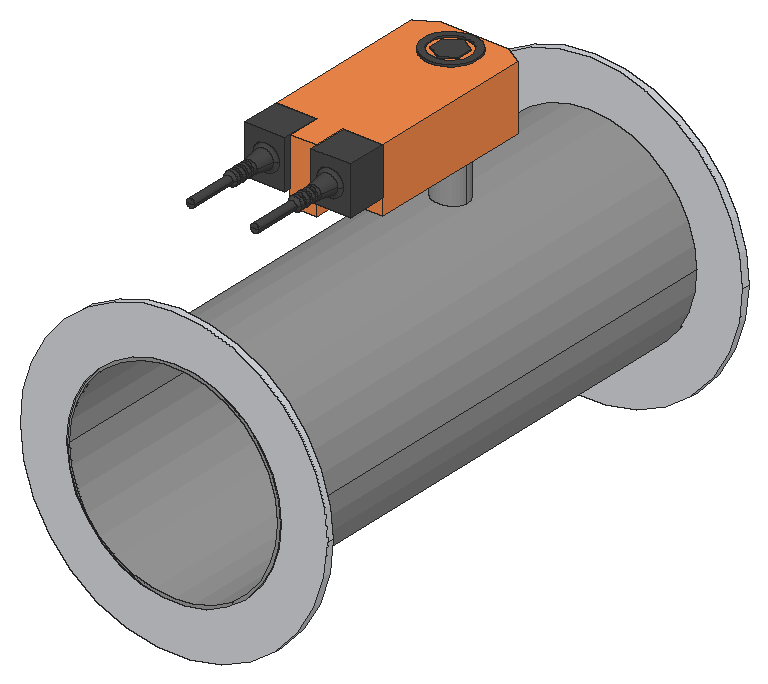
Revit family "Канальный круглый SVK1-НО-ЕI60-C-MS220-0-Kb 24.02.26", category Арматура воздуховодов, Revit 2022
Family settings
  Размер круглого соединителя = Использовать диаметр
  Тип детали = Вставляется
  На основе рабочей плоскости = Нет
  Всегда вертикально = Да
  При загрузке вырезать с полостями = Нет
  Общий = Да
Parameters (values of type "Клапан противопожарный SVK1-НО-ЕI60-C-160N-GO-H-MS220-0-Kb")
  Скорость воздуха в живом сечении [instance] = ADSK_Расход воздуха / Площадь живого сечения  # 27.7778 m/s
  Скорость в канале [instance] = ADSK_Расход воздуха / (ADSK_Диаметр условный * ADSK_Диаметр условный * 3.14 / 4)  # 1.38225 m/s
  Привод внутри/снаружи [instance] = yes
  Площадь живого сечения [instance] = 0.001 m²  # constant formula
  Плотность воздуха [instance] = 1.2000 kg/m³  # constant formula
  Отметка по умолчанию = 0 mm
  Материал привода = Пластмасса,оранжевый
  Материал = Сталь
  КМС [instance] = 0  # 0.00
  Длина = 394 mm  # constant formula
  Диаметр = 160 mm
  Д2 = Диаметр - 4 mm  # 156 mm
  Вылет заслонки [instance] = yes
  Ld = 135 mm  # constant formula
  Hd = Диаметр / 2 + 97 mm  # 177 mm
  D/2 = Диаметр / 2  # 80 mm
  ADSK_Ток = 0.03 A  # constant formula
  ADSK_Расход воздуха [instance] = 100.0 m³/h
  ADSK_Примечание [instance] = ""
  ADSK_Предел огнестойкости = "60"  # constant formula
  ADSK_Потеря давления воздуха [instance] = КМС * ((Плотность воздуха * Скорость в канале * Скорость в канале) / 2)  # 0.0 Pa
  ADSK_Полная мощность = ADSK_Ток * ADSK_Напряжение  # 6.6 VA
  ADSK_Позиция на схеме [instance] = ""
  ADSK_Позиция [instance] = ""
  ADSK_Обозначение = "SVK1-НО-ЕI60-C-160N-GO-H-MS220-0-Kb"
  ADSK_Номинальная мощность = 1000 W
  ADSK_Номер стояка [instance] = ""
  ADSK_Напряжение = 220 V  # constant formula
  ADSK_Наименование краткое = "SVK1-НО-ЕI60-MS220"
  ADSK_Наименование = "Противопожарный нормально открытый клапан круглого сечения"  # constant formula
  ADSK_Материал обозначение = ""
  ADSK_Материал наименование = ""
  ADSK_Масса_Текст = "1"
  ADSK_Масса = 1
  ADSK_Марка = "SVK1-НО-ЕI60-MS220"  # constant formula
  ADSK_Коэффициент мощности = 1
  ADSK_Количество фаз числовое = 1  # constant formula
  ADSK_Количество фаз = 1  # constant formula
  ADSK_Количество = 1  # constant formula
  ADSK_Код изделия = "SVK1-НО-ЕI60-MS220"  # constant formula
  ADSK_Классификация нагрузок = ОВК
  ADSK_Завод-изготовитель = "WAER"  # constant formula
  ADSK_Единица измерения = "шт."  # constant formula
  ADSK_Диаметр условный = Диаметр  # 160 mm
  ADSK_URL страницы изделия = ""
  ADSK_URL документации изделия = ""
  0.9D = Диаметр * 0.8 / 2  # 64 mm
Types (10, lengths in mm): name | Скорость воздуха в живом сечении | Скорость в канале | Диаметр | Д2 | Hd | D/2 | ADSK_Расход воздуха | ADSK_Обозначение | ADSK_Номинальная мощность | ADSK_Диаметр условный | 0.9D
  Клапан противопожарный SVK1-НО-ЕI60-C-315N-GO-H-MS220-0-Kb | 83.3333 m/s | 1.06986 m/s | 315 | 311 | 254.5 | 157.5 | 300.0 m³/h | "SVK1-НО-ЕI60-C-315N-GO-H-MS220-0-Kb" | 1000 W | 315 | 126
  Клапан противопожарный SVK1-НО-ЕI60-C-280N-GO-H-MS220-0-Kb | 83.3333 m/s | 1.35404 m/s | 280 | 276 | 237 | 140 | 300.0 m³/h | "SVK1-НО-ЕI60-C-280N-GO-H-MS220-0-Kb" | 1000 W | 280 | 112
  Клапан противопожарный SVK1-НО-ЕI60-C-250N-GO-H-MS220-0-Kb | 55.5556 m/s | 1.13234 m/s | 250 | 246 | 222 | 125 | 200.0 m³/h | "SVK1-НО-ЕI60-C-250N-GO-H-MS220-0-Kb" | 1000 W | 250 | 100
  Клапан противопожарный SVK1-НО-ЕI60-C-225N-GO-H-MS220-0-Kb | 55.5556 m/s | 1.39795 m/s | 225 | 221 | 209.5 | 112.5 | 200.0 m³/h | "SVK1-НО-ЕI60-C-225N-GO-H-MS220-0-Kb" | 1000 W | 225 | 90
  Клапан противопожарный SVK1-НО-ЕI60-C-200N-GO-H-MS220-0-Kb | 111.111 m/s | 3.53857 m/s | 200 | 196 | 197 | 100 | 400.0 m³/h | "SVK1-НО-ЕI60-C-200N-GO-H-MS220-0-Kb" | 0 W | 200 | 80
  Клапан противопожарный SVK1-НО-ЕI60-C-180N-GO-H-MS220-0-Kb | 55.5556 m/s | 2.1843 m/s | 180 | 176 | 187 | 90 | 200.0 m³/h | "SVK1-НО-ЕI60-C-180N-GO-H-MS220-0-Kb" | 1000 W | 180 | 72
  Клапан противопожарный SVK1-НО-ЕI60-C-160N-GO-H-MS220-0-Kb | 27.7778 m/s | 1.38225 m/s | 160 | 156 | 177 | 80 | 100.0 m³/h | "SVK1-НО-ЕI60-C-160N-GO-H-MS220-0-Kb" | 1000 W | 160 | 64
  Клапан противопожарный SVK1-НО-ЕI60-C-140N-GO-H-MS220-0-Kb | 27.7778 m/s | 1.80539 m/s | 140 | 136 | 167 | 70 | 100.0 m³/h | "SVK1-НО-ЕI60-C-140N-GO-H-MS220-0-Kb" | 1000 W | 140 | 56
  Клапан противопожарный SVK1-НО-ЕI60-C-125N-GO-H-MS220-0-Kb | 55.5556 m/s | 4.52937 m/s | 125 | 121 | 159.5 | 62.5 | 200.0 m³/h | "SVK1-НО-ЕI60-C-125N-GO-H-MS220-0-Kb" | 1000 W | 125 | 50
  Клапан противопожарный SVK1-НО-ЕI60-C-100N-GO-H-MS220-0-Kb | 27.7778 m/s | 3.53857 m/s | 100 | 96 | 147 | 50 | 100.0 m³/h | "SVK1-НО-ЕI60-C-100N-GO-H-MS220-0-Kb" | 1000 W | 100 | 40
Reference planes
  plane 1 "По центру (Вперед/Назад)": y = 0
  plane 2: z = 0
  plane 3 "По центру (Влево/Вправо)": x = 0
  plane 4: y = 197
  plane 5: y = -197
  plane 6: y = -187
  plane 7: y = 187
  plane 8: z = 128
  plane 9: z = 177
  plane 10 "заслонка": y = 62
  plane 11: z = 64
Forms (mm)
  Extrusion 1, solid, material "Сталь" <- "Материал", detail levels medium+fine
    sketch origin (0, 0, 0) x (1, 0, 0) y (0, 0, 1)
      loop
        circle (0, 0) r 80
      loop
        circle (0, 0) r 78
    from -197 to 197
  Extrusion 2, solid, material "Сталь" <- "Материал", detail levels medium+fine
    sketch origin (0, 0, 0) x (1, 0, 0) y (0, 1, 0)
      loop
        circle (0, 62) r 12.5
    from 64 to 128
  Extrusion 3, solid, visible <- "Вылет заслонки", detail levels medium+fine
    sketch origin (0, 0, 0) x (0, 1, 0) y (0, 0, 1)
      loop
        circle (62, 0) r 78
    from -3 to 3
  Sweep 4, solid
    path in 3D
      loop
        arc (-80, 197, 0) -> (0, 197, -80) -> (80, 197, 0) r 80
        arc (80, 197, 0) -> (0, 197, 80) -> (-80, 197, 0) r 80
    profile origin (0, 197, 80) x (0, 0, 1) y (0, 1, 0)
      loop
        line (0, 0) -> (0, -5) -> (35, -5) -> (35, 0) -> (0, 0)
  Sweep 5, solid
    path in 3D
      loop
        arc (80, -197, 0) -> (0, -197, -80) -> (-80, -197, 0) r 80
        arc (-80, -197, 0) -> (0, -197, 80) -> (80, -197, 0) r 80
    profile origin (0, -197, 80) x (0, 0, 1) y (0, -1, 0)
      loop
        line (0, 0) -> (0, -5) -> (35, -5) -> (35, 0) -> (0, 0)
Lines and regions (mm)
  sketch lines
    curve 1: arc (80, 197, 0) -> (0, 197, 80) -> (-80, 197, 0) r 80
    curve 2: arc (-80, 197, 0) -> (0, 197, -80) -> (80, 197, 0) r 80
    curve 3: arc (-80, -197, 0) -> (0, -197, 80) -> (80, -197, 0) r 80
    curve 4: arc (80, -197, 0) -> (0, -197, -80) -> (-80, -197, 0) r 80
Dimensions and locks
  equal spacing: plane 4, plane 1 "По центру (Вперед/Назад)", plane 5
  "Длина": plane 4 to plane 5
  equal spacing: plane 7, plane 1 "По центру (Вперед/Назад)", plane 6
  plane 4 to plane 7 = 10 mm
  locked: plane 9 to plane 8 at 49
  plane 4 to plane 10 "заслонка" = 135 mm
  "0.9D": plane 11 to level
  "Hd": plane 9 to level
  "Ld": plane 10 "заслонка" to plane 4
  "Диаметр": diameter of Extrusion 1 sketch curve
  "Д2": diameter of Extrusion 1 sketch curve
  diameter of Extrusion 2 sketch curve = 25 mm
  "Д2": diameter of Extrusion 3 sketch curve
  aligned and locked: level to plane 2
  aligned and locked: Extrusion 1 to plane 4
  aligned and locked: plane 5 to Extrusion 1
  aligned and locked: plane 3 "По центру (Влево/Вправо)" to nested 1
  aligned and locked: plane 1 "По центру (Вперед/Назад)" to nested 1
  aligned and locked: plane 3 "По центру (Влево/Вправо)" to Extrusion 1 sketch curve
  aligned and locked: level to Extrusion 1 sketch curve
  aligned and locked: plane 9 to nested 2
  aligned and locked: nested 2 to plane 3 "По центру (Влево/Вправо)"
  aligned and locked: nested 2 to plane 10 "заслонка"
  aligned and locked: plane 3 "По центру (Влево/Вправо)" to Extrusion 2 sketch curve
  aligned and locked: Extrusion 2 to plane 11
  aligned and locked: plane 8 to Extrusion 2
  aligned and locked: plane 10 "заслонка" to Extrusion 2 sketch curve
Automatic sketch dimensions
  Extrusion 1 sketch curve to Extrusion 1 sketch curve = 0 mm  (x2)
  Extrusion 3 sketch curve to level = 0 mm
  Extrusion 3 sketch curve to plane 10 "заслонка" = 0 mm
  profile plane to Sweep 4 sketch curve = 0 mm
  Sweep 4 sketch curve to profile plane = 0 mm
  Sweep 4 sketch curve to profile plane = 5 mm
  Sweep 4 sketch curve to profile plane = 35 mm
  profile plane to Sweep 5 sketch curve = 0 mm
  Sweep 5 sketch curve to profile plane = 0 mm
  Sweep 5 sketch curve to profile plane = 5 mm
  Sweep 5 sketch curve to profile plane = 35 mm
Nested families
  nested 1: "УГО Дымовой и противопожарный клапан" at (0, 0, 0), type "УГО Дымовой и противопожарный клапан", detail levels coarse
  nested 2: "Электропривод" at (0, 62, 129) x (-1, 0, 0) z (0, 0, 1), visible <- "Привод внутри/снаружи", type "MS220", detail levels medium+fine
    with ADSK_Примечание "", ADSK_Позиция ""
Connectors
  hvac at (0, -197, 0), driven by "Диаметр", driven by "ADSK_Потеря давления воздуха", driven by "ADSK_Расход воздуха"
    settings: on Extrusion 1, index 1, duct flow 100.0 m³/h, flow factor 0, pres drop 0.0 Pa, loss coef 0, conn angle 0.00°, conn width 304.8 mm, conn height 304.8 mm, conn diameter 160 mm, duct sys type 29, conn prof type 0, flow config 0, flow direction 0, loss method 4, conn ref index 2, conn util no, is conn primary yes, conn desc ""
  hvac at (0, 197, 0), driven by "Диаметр", driven by "ADSK_Потеря давления воздуха", driven by "ADSK_Расход воздуха"
    settings: on Extrusion 1, index 2, duct flow 100.0 m³/h, flow factor 0, pres drop 0.0 Pa, loss coef 0, conn angle 0.00°, conn width 304.8 mm, conn height 304.8 mm, conn diameter 160 mm, duct sys type 29, conn prof type 0, flow config 0, flow direction 0, loss method 4, conn ref index 1, conn util no, is conn primary no, conn desc ""
  electrical at (24, -81, 159)
    settings: on nested 2, index 3, voltage 0 V, apparent load 0 VA, apparent load phase1 0 VA, apparent load phase2 0 VA, apparent load phase3 0 VA, power factor 1, load classification "Прочее", number of poles 1, system type 13, power factor state 1, is connector primary yes, connector utility no, sub classification motor no, connector description ""
Definition of nested family "Электропривод"
  Parameters (values of type "BFL24")
    Ширина центра = 50 mm
    Соединение = "1 м, 2 × 0,75 мм2"
    Default Elevation = 0 mm
    Description = "с пружинным возвратом/конденсатором"  # constant formula
    Межосевое подключение = 48 mm
    Корпус_x = none
    Клеммы = none
    Звездочка = Высота + 1 mm  # 49 mm
    Длина корпуса = 160 mm
    ГШ = 80 mm
    Высота = 48 mm
    Выс подкл = Высота - 18 mm  # 30 mm
    ADSK_Ток = 8.3 A
    ADSK_Примечание [instance] = ""
    ADSK_Предел огнестойкости = ""
    ADSK_Полная мощность = 4 VA
    ADSK_Позиция [instance] = ""
    ADSK_Обозначение = ""
    ADSK_Номинальная мощность = 2.5 W
    ADSK_Напряжение = 24 V
    ADSK_Наименование краткое = ""
    ADSK_Наименование = ""
    ADSK_Материал обозначение = ""
    ADSK_Материал наименование = ""
    ADSK_Масса_Текст = "1,1 кг"
    ADSK_Масса = 1.1  # constant formula
    ADSK_Марка = "BFL24"  # constant formula
    ADSK_Коэффициент мощности = 1
    ADSK_Количество фаз числовое = 1
    ADSK_Количество фаз = 1
    ADSK_Количество = 1  # constant formula
    ADSK_Код изделия = "BFL24"  # constant formula
    ADSK_Классификация нагрузок = none
    ADSK_Завод-изготовитель = "BELIMO"  # constant formula
    ADSK_Единица измерения = "шт."  # constant formula
    ADSK_URL страницы изделия = ""
    ADSK_URL документации изделия = ""
  Types (2, lengths in mm): name | ADSK_Ток | ADSK_Полная мощность | ADSK_Номинальная мощность | ADSK_Напряжение
    BFL230 | 4 A | 6.5 VA | 3 W | 230 V
    BFL24 | 8.3 A | 4 VA | 2.5 W | 24 V
  Reference planes
    plane 1 "По центру (Вперед/Назад)": y = 0
    plane 2: z = 0
    plane 3 "По центру (Влево/Вправо)": x = 0
    plane 4: y = -22
    plane 5: y = 138
    plane 6: x = -40
    plane 7: x = 40
    plane 8: x = -25
    plane 9: x = 25
    plane 10: y = 113
    plane 11: x = -40
    plane 12: x = 40
    plane 13: y = 143
    plane 14: z = 12
    plane 15: x = -24
    plane 16: x = 24
    plane 17: y = 213
    plane 18: y = 158
    plane 19: y = 178
    plane 20: y = 213
    plane 21: y = 158
    plane 22: y = 178
    plane 23: z = 30
  Forms (mm)
    Extrusion 1, solid, material <- "Корпус_x"
      sketch origin (0, 0, 0) x (1, 0, 0) y (0, 1, 0)
        loop
          line (-25, -22) -> (25, -22) -> (40, -13.34) -> (40, 113) -> (10, 113) -> (10, 138) -> (-10, 138) -> (-10, 113) -> (-40, 113) -> (-40, -13.34) -> (-25, -22)
      from 0 to 48 <- "Высота"
    Extrusion 2, solid, material <- "Клеммы"
      sketch origin (0, 0, 0) x (1, 0, 0) y (0, 1, 0)
        loop
          line (-40, 143) -> (-40, 113) -> (-10, 113) -> (-10, 143) -> (-40, 143)
        loop
          line (10, 143) -> (10, 113) -> (40, 113) -> (40, 143) -> (10, 143)
      from 12 to 48
    Extrusion 3, solid, material <- "Клеммы", detail levels fine
      sketch origin (0, 0, 0) x (1, 0, 0) y (0, 1, 0)
        loop
          circle (0, 0) r 20
        loop
          circle (0, 0) r 15
        loop
          line (10.43, -6.022) -> (10.43, 6.022) -> (0, 12.043) -> (-10.43, 6.022) -> (-10.43, -6.022) -> (0, -12.043) -> (10.43, -6.022)
      from 48 <- "Высота" to 49 <- "Звездочка"
    Revolve 4, solid, material <- "Клеммы"
      sketch origin (-101.895, -1524, 30) x (-1, 0, 0) y (0, -1, 0)
        loop
          line (-77.895, -1667) -> (-77.895, -1737) -> (-74.82, -1737) -> (-74.82, -1702) -> (-72.813, -1699.633) -> (-72.813, -1697.089) -> (-74.82, -1697.089) -> (-74.82, -1694.582) -> (-72.813, -1694.582) -> (-72.813, -1692.082) -> (-74.82, -1692.082) -> (-74.82, -1689.54) -> (-72.813, -1689.54) -> (-72.813, -1686.997) -> (-74.82, -1686.997) -> (-74.82, -1684.455) -> (-72.813, -1684.455) -> (-72.813, -1682) -> (-70.754, -1669.002)
          arc (-70.754, -1669.002) -> (-69.64, -1667.55) -> (-67.895, -1667) r 3.043
          line (-67.895, -1667) -> (-77.895, -1667)
        axis (-77.895, -1737) -> (-77.895, -1667)
      angle from 0 to 360
    Revolve 5, solid, material <- "Клеммы"
      sketch origin (-101.895, -1524, 30) x (-1, 0, 0) y (0, -1, 0)
        loop
          line (-125.895, -1667) -> (-125.895, -1737) -> (-122.82, -1737) -> (-122.82, -1702) -> (-120.813, -1699.633) -> (-120.813, -1697.089) -> (-122.82, -1697.089) -> (-122.82, -1694.582) -> (-120.813, -1694.582) -> (-120.813, -1692.082) -> (-122.82, -1692.082) -> (-122.82, -1689.54) -> (-120.813, -1689.54) -> (-120.813, -1686.997) -> (-122.82, -1686.997) -> (-122.82, -1684.455) -> (-120.813, -1684.455) -> (-120.813, -1682) -> (-118.754, -1669.002)
          arc (-118.754, -1669.002) -> (-117.64, -1667.55) -> (-115.895, -1667) r 3.043
          line (-115.895, -1667) -> (-125.895, -1667)
        axis (-125.895, -1737) -> (-125.895, -1667)
      angle from 0 to 360
  Dimensions and locks
    plane 4 to plane 1 "По центру (Вперед/Назад)" = 22 mm
    "Длина корпуса": plane 5 to plane 4
    equal spacing: plane 6, plane 3 "По центру (Влево/Вправо)", plane 7
    "ГШ": plane 6 to plane 7
    equal spacing: plane 8, plane 3 "По центру (Влево/Вправо)", plane 9
    "Ширина центра": plane 8 to plane 9
    plane 5 to plane 10 = 25 mm
    plane 13 to Extrusion 1 = 30 mm
    equal spacing: plane 11, plane 3 "По центру (Влево/Вправо)", plane 12
    "ГШ": plane 11 to plane 12
    Extrusion 1 to plane 14 = 36 mm
    equal spacing: plane 15, plane 3 "По центру (Влево/Вправо)", plane 16
    "Межосевое подключение": plane 15 to plane 16
    plane 17 to Extrusion 2 = 70 mm
    Extrusion 1 to plane 18 = 180 mm
    plane 17 to plane 19 = 35 mm
    plane 20 to plane 22 = 35 mm
    "Выс подкл": plane 23 to level
    angle plane 4 to Extrusion 1 sketch curve = 30.00°
    angle Extrusion 1 sketch curve to plane 4 = 30.00°
    aligned and locked: level to plane 2
    aligned and locked: Extrusion 1 sketch curve to plane 4
    aligned and locked: plane 7 to Extrusion 1 sketch curve  (x2)
    aligned and locked: plane 6 to Extrusion 1 sketch curve  (x2)
    aligned and locked: Extrusion 1 sketch curve to plane 10
    aligned and locked: plane 10 to Extrusion 1 sketch curve  (x3)
    aligned and locked: plane 5 to Extrusion 1 sketch curve  (x2)
    aligned and locked: Extrusion 2 sketch curve to plane 13  (x2)
    aligned and locked: plane 11 to Extrusion 2 sketch curve
    aligned and locked: Extrusion 2 sketch curve to Extrusion 1  (x2)
    aligned and locked: Extrusion 2 sketch curve to plane 12
    aligned and locked: Extrusion 2 to plane 14
    aligned and locked: Extrusion 2 to Extrusion 1
    aligned and locked: Extrusion 2 to Revolve 4 sketch curve
    aligned and locked: plane 15 to Revolve 4 sketch curve
    aligned and locked: Revolve 4 sketch curve to plane 17
    aligned and locked: plane 19 to Revolve 4 sketch curve
    aligned and locked: plane 18 to Revolve 4 sketch curve
    aligned and locked: Revolve 4 sketch curve to plane 15
    aligned and locked: Revolve 5 sketch curve to plane 20
    aligned and locked: plane 22 to Revolve 5 sketch curve
    aligned and locked: plane 21 to Revolve 5 sketch curve
  Automatic sketch dimensions
    Extrusion 3 sketch curve to Extrusion 3 sketch curve = 0 mm  (x2)
    Extrusion 3 sketch curve to plane 3 "По центру (Влево/Вправо)" = 0 mm  (x3)
    plane 1 "По центру (Вперед/Назад)" to Extrusion 3 sketch curve = 0 mm
    Extrusion 3 sketch curve to plane 3 "По центру (Влево/Вправо)" = 10.43 mm
    plane 3 "По центру (Влево/Вправо)" to Extrusion 3 sketch curve = 10.43 mm
    plane 1 "По центру (Вперед/Назад)" to Extrusion 3 sketch curve = 6.022 mm  (x2)
    plane 1 "По центру (Вперед/Назад)" to Extrusion 3 sketch curve = 12.043 mm
    Extrusion 3 sketch curve to plane 1 "По центру (Вперед/Назад)" = 6.022 mm  (x2)
    Extrusion 3 sketch curve to Extrusion 3 sketch curve = 6.022 mm
    Revolve 4 sketch curve to Revolve 4 sketch curve = 3.075 mm
    Revolve 4 sketch curve to plane 15 = 3.075 mm  (x2)
    Revolve 4 sketch curve to Revolve 4 sketch curve = 0 mm
    Revolve 4 sketch curve to Revolve 4 sketch curve = 2.007 mm  (x4)
    Revolve 4 sketch curve to plane 15 = 7.141 mm
    Revolve 4 sketch curve to Revolve 4 sketch curve = 2.859 mm
    Revolve 4 sketch curve to plane 19 = 2.367 mm
    Revolve 4 sketch curve to Revolve 4 sketch curve = 2.544 mm
    Revolve 4 sketch curve to Revolve 4 sketch curve = 2.507 mm
    Revolve 4 sketch curve to Revolve 4 sketch curve = 2.5 mm
    Revolve 4 sketch curve to Revolve 4 sketch curve = 2.542 mm  (x2)
    plane 18 to Revolve 4 sketch curve = 2.455 mm
    Revolve 4 sketch curve to Revolve 4 sketch curve = 3.043 mm
    Revolve 4 sketch curve to Revolve 4 sketch curve = 10.122 mm
    Revolve 4 sketch curve to Revolve 4 sketch curve = 41.798 mm
    Revolve 5 sketch curve to plane 16 = 0 mm  (x2)
    Revolve 5 sketch curve to Revolve 5 sketch curve = 3.075 mm
    Revolve 5 sketch curve to plane 16 = 3.075 mm  (x2)
    Revolve 5 sketch curve to Revolve 5 sketch curve = 0 mm
    Revolve 5 sketch curve to Revolve 5 sketch curve = 2.007 mm  (x4)
    Revolve 5 sketch curve to plane 16 = 7.141 mm
    Revolve 5 sketch curve to Revolve 5 sketch curve = 2.859 mm
    Revolve 5 sketch curve to plane 22 = 2.367 mm
    Revolve 5 sketch curve to Revolve 5 sketch curve = 2.544 mm
    Revolve 5 sketch curve to Revolve 5 sketch curve = 2.507 mm
    Revolve 5 sketch curve to Revolve 5 sketch curve = 2.5 mm
    Revolve 5 sketch curve to Revolve 5 sketch curve = 2.542 mm  (x2)
    plane 21 to Revolve 5 sketch curve = 2.455 mm
    Revolve 5 sketch curve to plane 21 = 11.957 mm
    Revolve 5 sketch curve to Revolve 5 sketch curve = 1.041 mm
    Revolve 5 sketch curve to Revolve 5 sketch curve = 10.122 mm
    Revolve 5 sketch curve to Revolve 5 sketch curve = 41.798 mm
    Extrusion 1 sketch curve to plane 8 = 0 mm
    Extrusion 1 sketch curve to plane 9 = 0 mm
    Extrusion 1 sketch curve to plane 3 "По центру (Влево/Вправо)" = 10 mm
    plane 3 "По центру (Влево/Вправо)" to Extrusion 1 sketch curve = 10 mm
    Extrusion 2 sketch curve to plane 3 "По центру (Влево/Вправо)" = 10 mm
    plane 3 "По центру (Влево/Вправо)" to Extrusion 2 sketch curve = 10 mm
    radius of Extrusion 3 sketch curve = 20 mm
    radius of Extrusion 3 sketch curve = 15 mm
Definition of nested family "УГО Дымовой и противопожарный клапан"
  Parameters (values of type "УГО Дымовой и противопожарный клапан")
    Ширина = 560 mm
    Угол = atan(Высота / Ширина)  # 32.0054°
    Рад = Д / 2  # 43.75 mm
    Отступ2 = Рад / cos(Угол)  # 51.592 mm
    Отступ1 = Рад / sin(Угол)  # 82.547 mm
    Default Elevation = 0 mm
    Д = Высота * 0.25  # 87.5 mm
    Высота = 350 mm
  Reference planes
    plane 1 "По центру (Вперед/Назад)": y = 0
    plane 2: z = 0
    plane 3 "По центру (Влево/Вправо)": x = 0
    plane 4: x = -280
    plane 5: y = -175
    plane 6: x = 280
    plane 7: y = 175
    plane 8: x = 197.453
    plane 9: x = -197.453
    plane 10: y = 123.408
    plane 11: y = -123.408
  Lines and regions (mm)
    model lines
      curve 1: line (-280, 175, 0) -> (280, 175, 0)
      curve 2: line (-280, -175, 0) -> (-280, 175, 0)
      curve 3: line (280, -175, 0) -> (-280, -175, 0)
      curve 4: line (280, 175, 0) -> (280, -175, 0)
      curve 5: circle (0, 0, 0) r 43.75 normal (0, 0, 1)
      curve 6: line (-280, 175, 0) -> (280, -175, 0)
      curve 7: line (197.453, -175, 0) -> (-280, 123.408, 0)
      curve 8: line (280, -123.408, 0) -> (-197.453, 175, 0)
  Dimensions and locks
    equal spacing: plane 7, plane 1 "По центру (Вперед/Назад)", plane 5
    equal spacing: plane 4, plane 3 "По центру (Влево/Вправо)", plane 6
    "Ширина": plane 4 to plane 6
    "Высота": plane 7 to plane 5
    "Отступ1": plane 8 to plane 6
    "Отступ2": plane 7 to plane 10
    "Отступ2": plane 11 to plane 5
    "Отступ1": plane 4 to plane 9
    "Д": diameter of curve 5
    aligned and locked: level to plane 2
    aligned and locked: curve 1 to plane 7
    aligned and locked: plane 4 to curve 2
    aligned and locked: plane 5 to curve 3
    aligned and locked: curve 4 to plane 6
    aligned and locked: plane 3 "По центру (Влево/Вправо)" to curve 5
    aligned and locked: plane 1 "По центру (Вперед/Назад)" to curve 5
  Automatic sketch dimensions
    curve 8 to plane 9 = 0 mm
    curve 7 to plane 8 = 0 mm
    curve 8 to plane 11 = 0 mm
    curve 7 to plane 10 = 0 mm
